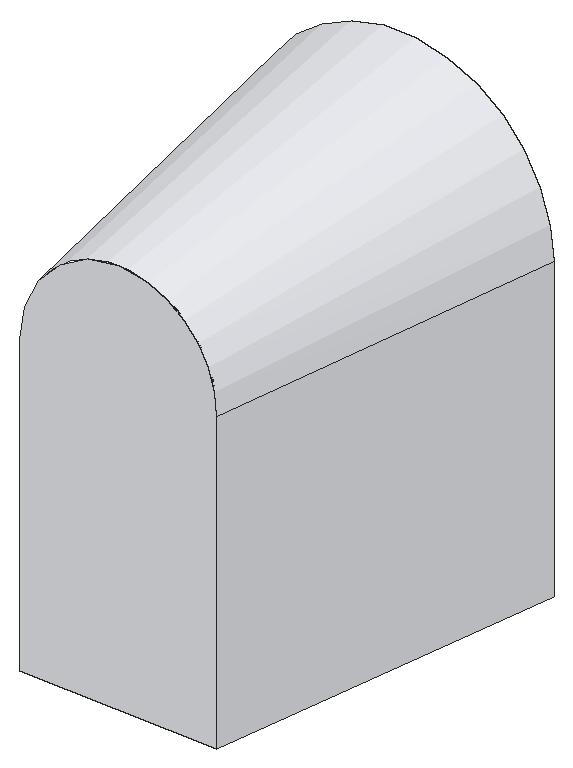
Revit family "Deca_Bidê 3 Furos LK_B.23GGGGG", category Plumbing Fixtures, host Face, Revit 2010
Parameters (values of type "B.23.17_Branco Gelo GE17")
  WFU = 0
  Vendido Separadamente = "Parafuso de fixação: Cromado (SP.13.01), Dourado (SP.130.03) e Gold (SP.130.GLD.03) Misturador de Bidê."  # constant formula
  Variações de COR = "Branco (B.23.17); Ébano (B.23.95)."  # constant formula
  URL = "www.deca.com.br/produtos"
  Segmento = "Luxo"  # constant formula
  Raio Ponto de Esgoto = 20 mm  # constant formula
  Produto = "Bidê 3 furos LK"  # constant formula
  Peso Liquido (Kg) = 28.4
  Norma = "ABNT NBR 15097-1: 2011 / ABNT NBR 15097-2: 2011"  # constant formula
  Model = Código  # "B.23.17"
  Material = "Deca_Vitreous China"  # constant formula
  Manufacturer = "Deca"  # constant formula
  Louça/Metais = "Louça"  # constant formula
  Linha = "LK"  # constant formula
  Informações Complementares = "3 furos - utilizar misturador"  # constant formula
  Flow Pressure = 0.00 psi
  Diâmetro Ponto de Esgoto = Raio Ponto de Esgoto * 2  # 40 mm
  Description = "Bidê 3 furos LK"  # constant formula
  Default Elevation = 0 mm
  Código = "B.23.17"
  Criado por = "Contino/quattroD"  # constant formula
  CWFU = 0
  Bidê = Deca GE17 Branco Gelo Cerâmica
  Atendimento ao Cliente = "0800-0117073"  # constant formula
  Assembly Code = "D2010110"
  Aprovado por = "Contino/quattroD"  # constant formula
  Acompanha o Produto = ""
Types (2, lengths in mm): name | Model | Código | Bidê
  B.23.17_Branco Gelo GE17 | "B.23.17" | "B.23.17" | Deca GE17 Branco Gelo Cerâmica
  B.23.95_Ébano EB95 | "B.23.95" | "B.23.95" | Deca EB95 Ébano Cerâmica
Reference planes
  plane 1 "Center (Front/Back)": y = 0
  plane 2: z = 0
  plane 3 "Center (Left/Right)": x = 0
  plane 4 "Top 1": y = 400
  plane 5 "Front 3": z = 550.354
  plane 6 "Left 1": x = -174.354
  plane 7 "Right 1": x = 174.354
  plane 8 "Front 1": z = 36
  plane 9 "Front 2": z = 255
Forms (mm)
  Blend 1, solid, material "Deca GE17 Branco Gelo Cerâmica" <- "Bidê"
    base sketch origin (1.102, 330, 36) x (-1, 0, 0) y (0, 0, 1)
      loop
        line (111.786, 0) -> (111.786, 336.555)
        spline (111.786, 336.555) -> (107.977, 366.319) -> (96.809, 394.055) -> (79.045, 417.873) -> (55.893, 436.148) -> (28.932, 447.637) -> (0, 451.555) -> (-28.932, 447.637) -> (-55.893, 436.148) -> (-79.045, 417.873) -> (-96.809, 394.055) -> (-107.977, 366.319) -> (-111.786, 336.555)
        line (-111.786, 336.555) -> (-111.786, 0) -> (111.786, 0)
    top sketch origin (1.102, 330, 36) x (-1, 0, 0) y (0, 0, 1)
      loop
        line (175.455, 0) -> (175.455, 340)
        arc (175.455, 340) -> (1.102, 514.354) -> (-173.252, 340) r 174.354
        line (-173.252, 340) -> (-173.252, 0) -> (175.455, 0)
    from -330 to 70
  Extrusion 2, solid, material "Deca GE17 Branco Gelo Cerâmica" <- "Bidê"
    sketch origin (0, 330, 36) x (-1, 0, 0) y (0, 0, 1)
      loop
        circle (0, 56.498) r 17.5
    from 31.572 to 70
  Blend 3, void
    base sketch origin (0, 330, 36) x (-1, 0, 0) y (0, 0, 1)
      loop
        line (123.99, 242.498) -> (123.99, 276.25)
        arc (123.99, 276.25) -> (0, 400.24) -> (-123.99, 276.25) r 123.99
        line (-123.99, 276.25) -> (-123.99, 242.498)
        spline (-123.99, 242.498) -> (-119.765, 210.146) -> (-107.378, 179.998) -> (-87.674, 154.11) -> (-61.995, 134.245) -> (-32.091, 121.757) -> (0, 117.498) -> (32.091, 121.757) -> (61.995, 134.245) -> (87.674, 154.11) -> (107.378, 179.998) -> (119.765, 210.146) -> (123.99, 242.498)
    top sketch origin (0, 330, 36) x (-1, 0, 0) y (0, 0, 1)
      loop
        line (123.99, 242.498) -> (123.99, 340)
        arc (123.99, 340) -> (0, 463.99) -> (-123.99, 340) r 123.99
        line (-123.99, 340) -> (-123.99, 242.498)
        spline (-123.99, 242.498) -> (-119.765, 210.146) -> (-107.378, 179.998) -> (-87.674, 154.11) -> (-61.995, 134.245) -> (-32.091, 121.757) -> (0, 117.498) -> (32.091, 121.757) -> (61.995, 134.245) -> (87.674, 154.11) -> (107.378, 179.998) -> (119.765, 210.146) -> (123.99, 242.498)
    from -70 to 70
  Extrusion 4, void
    sketch origin (0, 330, -35) x (-1, 0, 0) y (0, 0, 1)
      loop
        circle (0.001, 256) r 22
    from -274.451 to 70
  Extrusion 5, solid, material "Deca GE17 Branco Gelo Cerâmica" <- "Bidê", not visible
    sketch origin (0, 330, -1) x (-1, 0, 0) y (0, 0, 1)
      loop
        circle (0.001, 256) r 22
    from -330 to -326.898
Cuts and joins
  Blend 3, Extrusion 4 cuts Blend 1
Lines and regions (mm)
  Masking region 1
    outline origin (0, 0, 0) x (1, 0, 0) y (0, 1, 0)
      loop
        line (-174.547, 395.452) -> (-115.742, 3.407)
        arc (-115.742, 3.407) -> (-114.396, 0.969) -> (-111.786, 0) r 4
        line (-111.786, 0) -> (111.325, 0)
        arc (111.325, 0) -> (113.935, 0.969) -> (115.28, 3.407) r 4
        line (115.28, 3.407) -> (174.072, 395.361)
        arc (174.072, 395.361) -> (173.169, 398.593) -> (170.123, 400) r 4
        line (170.123, 400) -> (-170.584, 400)
        arc (-170.584, 400) -> (-173.6, 398.628) -> (-174.547, 395.452) r 4
  Masking region 2
    outline origin (0, 0, 36) x (0, 1, 0) y (0, 0, 1)
      loop
        arc (3.407, 455.511) -> (0.969, 454.165) -> (0, 451.555) r 4
        line (0, 451.555) -> (0, 0) -> (400, 0) -> (400, 510.354)
        arc (400, 510.354) -> (398.628, 513.369) -> (395.453, 514.316) r 4
        line (395.453, 514.316) -> (3.407, 455.511)
  Masking region 3
    outline origin (1.102, 330, 36) x (-1, 0, 0) y (0, 0, 1)
      loop
        line (175.455, 0) -> (175.455, 340)
        arc (175.455, 340) -> (1.102, 514.354) -> (-173.252, 340) r 174.354
        line (-173.252, 340) -> (-173.252, 0) -> (175.455, 0)
      loop
        circle (1.102, 56.498) r 17.5
  symbolic lines
    curve 1: arc (-123.99, 330, 376) -> (-87.674, 330, 463.674) -> (0, 330, 499.99) r 123.989
    curve 2: line (-123.99, 330, 278.498) -> (-123.99, 330, 376)
    curve 3: arc (0, 330, 499.99) -> (87.674, 330, 463.674) -> (123.99, 330, 376) r 123.989
    curve 4: line (123.99, 330, 376) -> (123.99, 330, 278.498)
    curve 5: spline (-123.99, 330, 278.498) -> (-119.765, 330, 246.146) -> (-107.378, 330, 215.998) -> (-87.674, 330, 190.11) -> (-61.995, 330, 170.245) -> (-32.091, 330, 157.757) -> (0, 330, 153.498) -> (32.091, 330, 157.757) -> (61.995, 330, 170.245) -> (87.674, 330, 190.11) -> (107.378, 330, 215.998) -> (119.765, 330, 246.146) -> (123.99, 330, 278.498)
    curve 6: circle (0, 330, 370.999) r 13.5 normal (0, 1, 0)
    curve 7: circle (-0.001, 330, 221) r 22 normal (0, 1, 0)
    curve 8: circle (-0.126, 330, 221) r 34.069 normal (0, 1, 0)
  model lines
    curve 9: line (0, 400, 109.998) -> (0, 400, 74.998)
    curve 10: line (-17.5, 400, 92.498) -> (17.5, 400, 92.498)
    curve 11: circle (99.999, 400, 109.998) r 17.5 normal (0, 1, 0)
    curve 12: circle (-100, 400, 109.998) r 17.5 normal (0, 1, 0)
Dimensions and locks
  plane 1 "Center (Front/Back)" to plane 4 "Top 1" = 400 mm  (x2)
  plane 6 "Left 1" to plane 7 "Right 1" = 348.707 mm
  plane 5 "Front 3" to host face = 550.354 mm  (x2)
  plane 7 "Right 1" to plane 6 "Left 1" = 348.707 mm
  plane 8 "Front 1" to host face = 36 mm
  plane 5 "Front 3" to plane 8 "Front 1" = 514.354 mm
  plane 5 "Front 3" to plane 8 "Front 1" to host face = 514.354 mm, 36 mm
  aligned and locked: host face to plane 2
  aligned and locked: level to host face
Connectors
  piping at (-0.001, 0, 255), driven by "Raio Ponto de Esgoto", driven by "Flow Pressure", driven by "WFU"
    settings: on Extrusion 5, index 1, connector radius 0.7874", flow factor 0, pipe flow 0 GPM, pressure drop 0.00 psi, fitting loss kfactor 0, connector angle 0.00°, fixture units 0, engagement length 0 mm, flow configuration 3, flow direction 2, fitting loss method 0, system type 16, joint type 0, gender type 0, connector reference index -1, connector utility 0, adjustable connector no, is connector primary yes, fitting loss table "", connector description ""
